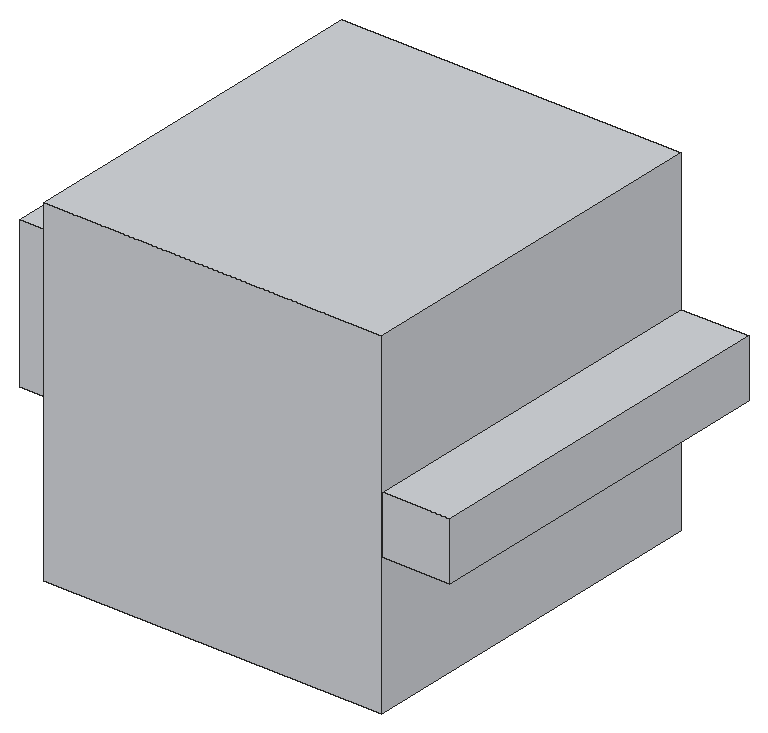
Revit family "НЕВАТОМ_Адаптер РЩ-П-3_20220407", category Арматура воздуховодов, Revit 2017
Family settings
  Размер круглого соединителя = Использовать диаметр
  Тип детали = Вставляется
  На основе рабочей плоскости = Нет
  Всегда вертикально = Нет
  При загрузке вырезать с полостями = Нет
  Общий = Нет
Parameters (values of type "РЩ-П-3")
  Материал = Материал корпуса
  Nevatom_Частотный преобразователь = ""
  Nevatom_Регулятор расхода = ""
  Nevatom_URL = "https://t.me/NEVATOM_Bim_bot"
  Nevatom_ Для задания электроснабжения = ""
  H2 [instance] = 150 mm
  B2 [instance] = 220.82 mm
  ADSK_Размер_Ширина [instance] = B + 16 mm  # 550 mm
  ADSK_Размер_Длина [instance] = H1 + H  # 600 mm
  ADSK_Размер_Высота [instance] = A1 + H2  # 650 mm
  ADSK_Материал наименование = "Оцинкованная сталь"  # constant formula
  A+3 [instance] = A + 3 mm  # 86 mm
  H1 [instance] = 500 mm
  H [instance] = 100 mm
  B+16 [instance] = B + 16 mm  # 550 mm
  B [instance] = 534 mm
  A2 [instance] = 260 mm
  A1 [instance] = 500 mm
  A [instance] = 83 mm
  ADSK_Примечание = ""
  ADSK_Позиция = ""
  ADSK_Наименование = "АДАПТЕР РЩ"
  ADSK_Масса_Текст = "кг"
  ADSK_Масса = 0
  ADSK_Марка = "-П-3-ОЦ.-0.7-Т2-RAL1000"
  ADSK_Код изделия = ""
  ADSK_Завод-изготовитель = "NEVATOM"
  ADSK_Единица измерения = "шт"
Reference planes
  plane 1 "По центру (Вперед/Назад)": y = 0
  plane 2: z = -250
  plane 3 "По центру (Влево/Вправо)": x = 0
  plane 4: x = -250
  plane 5: x = 250
  plane 6: z = 250
  plane 7: y = -275
  plane 8: y = 275
  plane 9: z = 0
  plane 10: x = 350
  plane 11: y = 130
  plane 12: y = -130
  plane 13: z = 110.41
  plane 14: z = -110.41
  plane 15: x = -400
Forms (mm)
  Extrusion 1, solid
    sketch origin (0, 0, 0) x (1, 0, 0) y (0, 0, 1)
      loop
        line (-250, 250) -> (-250, -250) -> (250, -250) -> (250, 250) -> (-250, 250)
    from -275 to 275
  Extrusion 2, solid
    sketch origin (0, 0, 0) x (1, 0, 0) y (0, 1, 0)
      loop
        line (250, 275) -> (250, -275) -> (350, -275) -> (350, 275) -> (250, 275)
    from -43 to 43
  Extrusion 3, solid
    sketch origin (0, 0, 0) x (1, 0, 0) y (0, 0, 1)
      loop
        line (-400, 110.41) -> (-400, -110.41) -> (-250, -110.41) -> (-250, 110.41) -> (-400, 110.41)
    from -130 to 130
Dimensions and locks
  equal spacing: plane 4, plane 3 "По центру (Влево/Вправо)", plane 5
  equal spacing: plane 5, plane 3 "По центру (Влево/Вправо)", plane 4
  "A1": plane 6 to plane 2
  equal spacing: plane 6, level, plane 2
  "H1": plane 5 to plane 4
  equal spacing: plane 8, plane 1 "По центру (Вперед/Назад)", plane 7
  "B+16": plane 8 to plane 7
  "H": plane 5 to plane 10
  equal spacing: Extrusion 2, level, Extrusion 2
  "A+3": Extrusion 2 to Extrusion 2
  equal spacing: plane 11, plane 1 "По центру (Вперед/Назад)", plane 12  (x2)
  "A2": plane 11 to plane 12
  equal spacing: plane 13, level, plane 14
  plane 13 to plane 14 = 220.82 mm
  "H2": plane 4 to plane 15
  "B2": plane 13 to plane 14
  plane 11 to plane 12 = 260 mm
  aligned and locked: level to plane 9
  aligned and locked: Extrusion 1 sketch curve to plane 6
  aligned and locked: plane 4 to Extrusion 1 sketch curve
  aligned and locked: plane 2 to Extrusion 1 sketch curve
  aligned and locked: Extrusion 1 sketch curve to plane 5
  aligned and locked: Extrusion 1 to plane 7
  aligned and locked: plane 8 to Extrusion 1
  aligned and locked: Extrusion 1 to Extrusion 2 sketch curve
  aligned and locked: Extrusion 2 sketch curve to Extrusion 1
  aligned and locked: plane 7 to Extrusion 2 sketch curve
  aligned and locked: Extrusion 2 sketch curve to plane 10
  aligned and locked: Extrusion 3 sketch curve to plane 13
  aligned and locked: plane 15 to Extrusion 3 sketch curve
  aligned and locked: plane 14 to Extrusion 3 sketch curve
  aligned and locked: Extrusion 3 sketch curve to plane 4
  aligned and locked: plane 11 to Extrusion 3
  aligned and locked: Extrusion 3 to plane 12
  aligned and locked: nested 1 to Extrusion 1  (x2)
  aligned and locked: Extrusion 1 to nested 1
Nested families
  nested 1: "НЕВАТОМ_QR-AxB" at (200, -225, 250), type "Nevatom_Logo_100x100", not visible
Connectors
  hvac at (350, 0, 0), driven by "A", driven by "B"
    settings: on Extrusion 2, index 1, duct flow 0.0 L/s, flow factor 0, pres drop 0.0 Pa, loss coef 0, conn angle 0.00°, conn width 534 mm, conn height 83 mm, conn diameter 609.6 mm, duct sys type 29, conn prof type 1, flow config 0, flow direction 0, loss method 0, conn ref index -1, conn util no, is conn primary yes, conn desc ""
  hvac at (-400, 0, 0), driven by "B2", driven by "A2"
    settings: on Extrusion 3, index 2, duct flow 0.0 L/s, flow factor 0, pres drop 0.0 Pa, loss coef 0, conn angle 0.00°, conn width 260 mm, conn height 220.82 mm, conn diameter 609.6 mm, duct sys type 29, conn prof type 1, flow config 0, flow direction 0, loss method 0, conn ref index -1, conn util no, is conn primary no, conn desc ""
Definition of nested family "НЕВАТОМ_QR-AxB"
  Parameters (values of type "Nevatom_Logo_50x50")
    Logo_Image = none
    L = 2 mm
    B = A  # 50 mm
    A = 50 mm
  Types (5, lengths in mm): name | B | A
    (no name) | 50 | 50
    Nevatom_Logo_200x200 | 200 | 200
    Nevatom_Logo_100x100 | 100 | 100
    Nevatom_Logo_50x50 | 50 | 50
    Nevatom_Logo_25x25 | 25 | 25
  Reference planes
    plane 1 "По центру (Вперед/Назад)": y = 0
    plane 2: z = 0
    plane 3 "По центру (Влево/Вправо)": x = 0
    plane 4: x = -25
    plane 5: x = 25
    plane 6: y = 25
    plane 7: y = -25
  Forms (mm)
    Extrusion 1, solid, material <- "Logo_Image"
      sketch origin (0, 0, 0) x (1, 0, 0) y (0, 1, 0)
        loop
          line (-25, 25) -> (-25, -25) -> (25, -25) -> (25, 25) -> (-25, 25)
      from 0 to 2 <- "L"
  Lines and regions (mm)
    reference lines
      curve 1: line (-25, 25, 0) -> (25, 25, 0)
      curve 2: line (25, 25, 0) -> (25, -25, 0)
      curve 3: line (25, -25, 0) -> (-25, -25, 0)
      curve 4: line (-25, -25, 0) -> (-25, 25, 0)
  Dimensions and locks
    equal spacing: plane 4, plane 3 "По центру (Влево/Вправо)", plane 5
    "A": plane 4 to plane 5
    equal spacing: plane 6, plane 1 "По центру (Вперед/Назад)", plane 7
    "B": plane 6 to plane 7
    aligned and locked: level to plane 2
    aligned and locked: plane 6 to curve 1
    aligned and locked: plane 4 to curve 4
    aligned and locked: plane 5 to curve 2
    aligned and locked: plane 7 to curve 3
    aligned and locked: Extrusion 1 sketch curve to curve 1
    aligned and locked: Extrusion 1 sketch curve to curve 4
    aligned and locked: Extrusion 1 sketch curve to curve 3
    aligned and locked: Extrusion 1 sketch curve to curve 2
